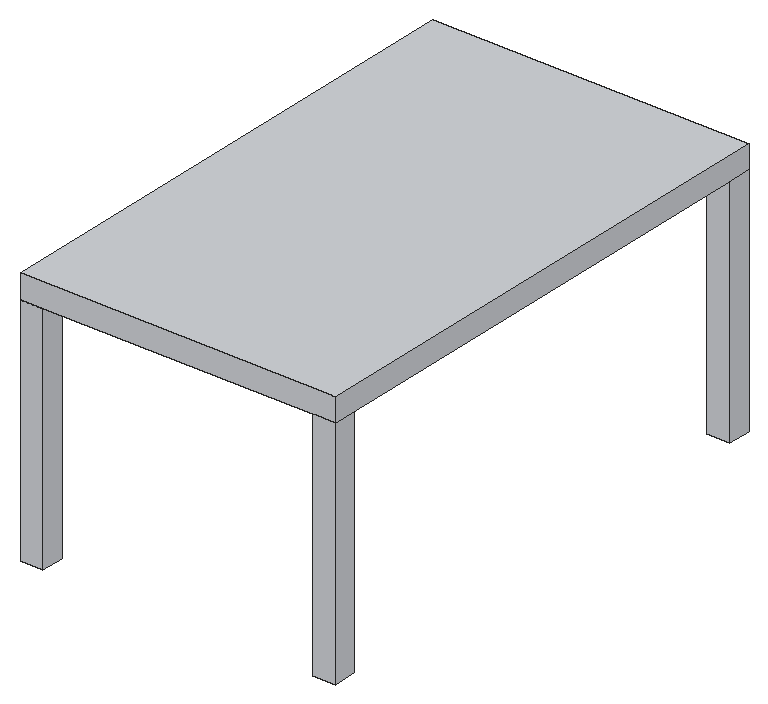
Revit family
Parameters (values of type "900 x 550mm")
  Length = 900 mm
  Width = 550 mm
  Leg Width = 40 mm
  Height [instance] = 450 mm
  Type Comments = ""
  Model = ""
  Material [instance] = none
  Manufacturer URL = ""
  Manufacturer = "Revit"
  Description = "Coffee table"
  Cost = 0
  Assembly Code = "E2020200"
Types (4, lengths in mm): name | Length
  (no name) | 900
  550 x 550mm | 550
  900 x 550mm | 900
  1200 x 550mm | 1200
Reference planes
  plane 1 "Center (Front/Back)": y = -360.624
  plane 2: z = 0
  plane 3 "Center (Left/Right)": x = -349.098
  plane 4: x = -624.098
  plane 5: y = 89.376
  plane 6: x = -74.098
  plane 7: y = -810.624
  plane 8: z = 450
  plane 9 "base altezza": z = 408.6
  plane 10: x = -584.098
  plane 11: x = -114.098
  plane 12: y = 49.376
  plane 13: y = -770.624
Forms (mm)
  Extrusion 1, solid, material <- "Material"
    sketch origin (0, 0, 408.6) x (0, -1, 0) y (1, 0, 0)
      loop
        line (-89.376, -624.098) -> (810.624, -624.098) -> (810.624, -74.098) -> (-89.376, -74.098) -> (-89.376, -624.098)
    from 0 to 41.4
  Extrusion 2, solid, material <- "Material"
    sketch origin (0, 0, 0) x (1, 0, 0) y (0, 1, 0)
      loop
        line (-624.098, 89.376) -> (-624.098, 49.376) -> (-584.098, 49.376) -> (-584.098, 89.376) -> (-624.098, 89.376)
      loop
        line (-114.098, 89.376) -> (-114.098, 49.376) -> (-74.098, 49.376) -> (-74.098, 89.376) -> (-114.098, 89.376)
      loop
        line (-114.098, -770.624) -> (-114.098, -810.624) -> (-74.098, -810.624) -> (-74.098, -770.624) -> (-114.098, -770.624)
      loop
        line (-584.098, -770.624) -> (-624.098, -770.624) -> (-624.098, -810.624) -> (-584.098, -810.624) -> (-584.098, -770.624)
    from 0 to 408.6
Lines and regions (mm)
  symbolic lines
    curve 1: line (-624.098, 89.376, 0) -> (-74.098, 89.376, 0)
    curve 2: line (-624.098, -810.624, 0) -> (-624.098, 89.376, 0)
    curve 3: line (-74.098, -810.624, 0) -> (-624.098, -810.624, 0)
    curve 4: line (-74.098, 89.376, 0) -> (-74.098, -810.624, 0)
Dimensions and locks
  "Width": plane 4 to plane 6
  "Length": plane 7 to plane 5
  equal spacing: plane 4, plane 3 "Center (Left/Right)", plane 6
  equal spacing: plane 7, plane 1 "Center (Front/Back)", plane 5
  "Height": plane 8 to plane 2
  "Leg Width": plane 4 to plane 10
  "Leg Width": plane 11 to plane 6
  "Leg Width": plane 12 to plane 5
  "Leg Width": plane 7 to plane 13
  locked: plane 8 to plane 9 "base altezza" at 41.4
  aligned and locked: plane 4 to Extrusion 1 sketch curve
  aligned and locked: Extrusion 1 sketch curve to plane 5
  aligned and locked: plane 7 to Extrusion 1 sketch curve
  aligned and locked: Extrusion 1 sketch curve to plane 6
  aligned and locked: Extrusion 1 to plane 8
  aligned and locked: Extrusion 2 sketch curve to Extrusion 1  (x4)
  aligned and locked: plane 12 to Extrusion 2 sketch curve  (x2)
  aligned and locked: Extrusion 2 sketch curve to plane 10
  aligned and locked: Extrusion 2 sketch curve to plane 11
  aligned and locked: plane 5 to Extrusion 2 sketch curve
  aligned and locked: plane 6 to Extrusion 2 sketch curve
  aligned and locked: plane 11 to Extrusion 2 sketch curve
  aligned and locked: plane 13 to Extrusion 2 sketch curve
  aligned and locked: Extrusion 1 to Extrusion 2 sketch curve  (x2)
  aligned and locked: plane 10 to Extrusion 2 sketch curve
  aligned and locked: Extrusion 2 sketch curve to plane 13
  aligned and locked: Extrusion 2 to plane 9 "base altezza"
  aligned and locked: curve 1 to Extrusion 1  (x2)
  aligned and locked: Extrusion 1 to curve 4
  aligned and locked: curve 4 to Extrusion 1
